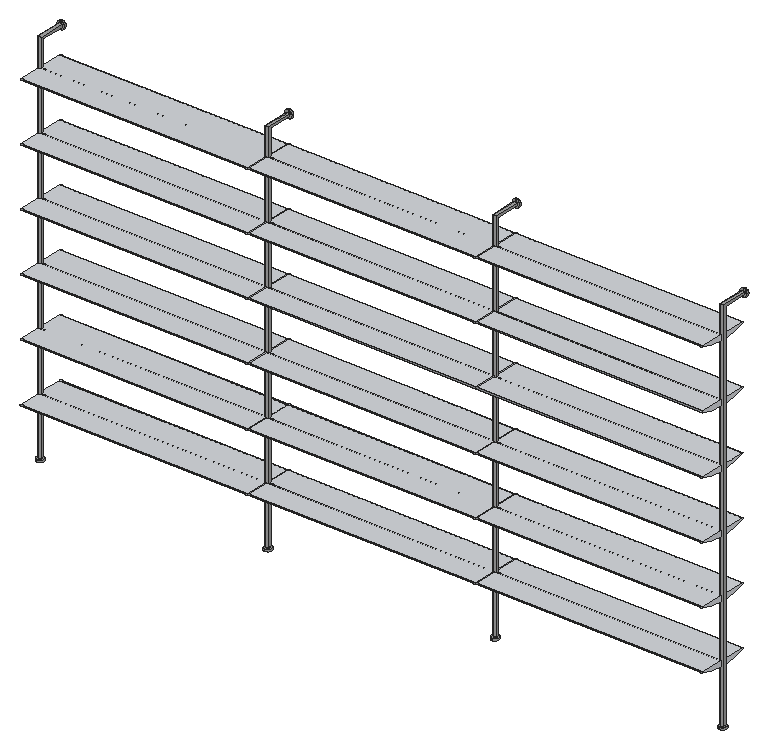
Revit family "Sailor_Parete_Composizione_5", category Arredi, Revit 2017
Family settings
  Numero OmniClass = 23.40.20.00
  Titolo OmniClass = General Furniture and Specialties
  Basato su piano di lavoro = No
  Sempre verticale = Sì
  Taglio con vuoti quando caricato = No
  Condiviso = No
  Punto di calcolo locali = No
Parameters
  VisibModulo4 = no
  VisibModulo3 = yes
  VisibModulo2 = yes
  URL = "www.livingdivani.it"
  Produttore = "Living Divani"
  Modello = "Sailor"
  Lunghezza Modulo 3 = 1500 mm
  Lunghezza Modulo 2 = 1500 mm
  Lunghezza Modulo 4 = 900 mm
  Lunghezza Modulo 1 = 1500 mm
Reference planes
  plane 1 "Centro (Fronte/Retro)": y = 0
  plane 2: z = 0
  plane 3 "Centro (Sinistra/Destra)": x = 0
Dimensions and locks
  aligned and locked: level to plane 2
  aligned and locked: nested 2 to nested 1
  aligned and locked: nested 3 to nested 2
  aligned and locked: nested 2 to nested 3
  aligned and locked: nested 4 to nested 3
  aligned and locked: nested 3 to nested 4
Nested families
  nested 1: "Sailor_Modulo_Base_Parete" at (0, 0, 0), LunghezzaRipiano <- "Lunghezza Modulo 1", type "Modulo 1"
    with VisibRipiano6 yes, VisibRipiano5 yes, VisibRipiano4 yes, VisibRipiano3 yes, VisibRipiano2 yes, VisibRipiano1 yes, LunghezzaRipiano 1500 mm
  nested 2: "Sailor_Modulo_Base_Parete" at (1500, 0, 0), LunghezzaRipiano <- "Lunghezza Modulo 2", visible <- "VisibModulo2", type "Modulo 2"
    with VisibRipiano6 yes, VisibRipiano5 yes, VisibRipiano4 yes, VisibRipiano3 yes, VisibRipiano2 yes, VisibRipiano1 yes, LunghezzaRipiano 1500 mm, PrimaAsta no
  nested 3: "Sailor_Modulo_Base_Parete" at (3000, 0, 0), LunghezzaRipiano <- "Lunghezza Modulo 3", visible <- "VisibModulo3", type "Modulo 3"
    with VisibRipiano6 yes, VisibRipiano5 yes, VisibRipiano4 yes, VisibRipiano3 yes, VisibRipiano2 yes, VisibRipiano1 yes, LunghezzaRipiano 1500 mm, PrimaAsta no
  nested 4: "Sailor_Modulo_Base_Parete" at (4500, 0, 0), LunghezzaRipiano <- "Lunghezza Modulo 4", visible <- "VisibModulo4", type "Modulo 4"
    with VisibRipiano6 yes, VisibRipiano5 yes, VisibRipiano4 yes, VisibRipiano3 yes, VisibRipiano2 yes, VisibRipiano1 yes, LunghezzaRipiano 900 mm, PrimaAsta no
Definition of nested family "Sailor_Modulo_Base_Parete"
  Parameters (values of type "Sailor_Modulo_Base_Parete")
    VisibRipiano6 [instance] = yes
    VisibRipiano5 [instance] = yes
    VisibRipiano4 [instance] = yes
    VisibRipiano3 [instance] = yes
    VisibRipiano1 [instance] = yes
    VisibRipiano2 [instance] = yes
    Ripiani = none
    PrimaAsta = yes
    LunghezzaRipiano [instance] = 900 mm
    Aste = none
  Reference planes
    plane 1 "Centro (Fronte/Retro)": y = 0
    plane 2: z = 0
    plane 3 "Centro (Sinistra/Destra)": x = 0
    plane 4: y = 0
    plane 5 "Lunghezza Ripiano": x = 900
    plane 6 "primo ripiano": z = 383
    plane 7: y = 0
    plane 8: y = 0
    plane 9: y = 0
    plane 10: y = 0
    plane 11: y = 0
  Forms (mm)
    Revolve 1, solid, material <- "Aste", visible <- "PrimaAsta"
      sketch origin (0, 0, 0) x (0, 1, 0) y (0, 0, 1)
        loop
          line (0, 20) -> (0, 0) -> (19, 0) -> (20.125, 2.25) -> (25, 2.25) -> (25, 9.915) -> (7.761, 9.915) -> (6.996, 12.974) -> (5, 12.974) -> (5, 14.189) -> (7.229, 20) -> (0, 20)
        axis (0, 0) -> (0, 20)
      angle from 0 to 360
    Extrusion 2, solid, material <- "Ripiani", visible <- "VisibRipiano1"
      sketch origin (0, -315.449, -968.719) x (0, 1, 0) y (0, 0, 1)
        loop
          arc (153.449, 1369.219) -> (150.496, 1366.748) -> (152.408, 1363.405) r 3
          arc (152.408, 1363.405) -> (315.449, 1334.219) -> (478.489, 1363.405) r 469.983
          arc (478.489, 1363.405) -> (480.402, 1366.748) -> (477.449, 1369.219) r 3
          line (477.449, 1369.219) -> (153.449, 1369.219)
        loop
          circle (315.449, 1351.719) r 8
      from 0 to 900 <- "LunghezzaRipiano"
    Extrusion 3, solid, visible <- "PrimaAsta", not visible
      sketch origin (0, 0, 0) x (1, 0, 0) y (0, 1, 0)
        loop
          line (12.5, 7.217) -> (0, 14.434) -> (-12.5, 7.217) -> (-12.5, -7.217) -> (0, -14.434) -> (12.5, -7.217) -> (12.5, 7.217)
      from 20 to 2670
    Revolve 4, solid, visible <- "PrimaAsta", not visible
      sketch origin (0, 0, 0) x (0, 1, 0) y (0, 0, 1)
        loop
          line (0, 20) -> (0, 0) -> (19, 0) -> (20.125, 2.25) -> (25, 2.25) -> (25, 9.915) -> (7.761, 9.915) -> (6.996, 12.974) -> (5, 12.974) -> (5, 14.189) -> (7.229, 20) -> (0, 20)
        axis (0, 0) -> (0, 20)
      angle from 0 to 360
    Revolve 5, solid, visible <- "PrimaAsta", not visible
      sketch origin (0, 0, 2690) x (0, 1, 0) y (0, 0, -1)
        loop
          line (0, 20) -> (0, 0) -> (19, 0) -> (20.125, 2.25) -> (25, 2.25) -> (25, 9.915) -> (7.761, 9.915) -> (6.996, 12.974) -> (5, 12.974) -> (5, 14.189) -> (7.229, 20) -> (0, 20)
        axis (0, 0) -> (0, 20)
      angle from 0 to 360
    Revolve 6, solid, material <- "Aste"
      sketch origin (900, 0, 0) x (0, 1, 0) y (0, 0, 1)
        loop
          line (0, 20) -> (0, 0) -> (19, 0) -> (20.125, 2.25) -> (25, 2.25) -> (25, 9.915) -> (7.761, 9.915) -> (6.996, 12.974) -> (5, 12.974) -> (5, 14.189) -> (7.229, 20) -> (0, 20)
        axis (0, 0) -> (0, 20)
      angle from 0 to 360
    Extrusion 7, solid, material <- "Ripiani", visible <- "VisibRipiano2"
      sketch origin (0, -315.449, -583.719) x (0, 1, 0) y (0, 0, 1)
        loop
          arc (153.449, 1369.219) -> (150.496, 1366.748) -> (152.408, 1363.405) r 3
          arc (152.408, 1363.405) -> (315.449, 1334.219) -> (478.489, 1363.405) r 469.983
          arc (478.489, 1363.405) -> (480.402, 1366.748) -> (477.449, 1369.219) r 3
          line (477.449, 1369.219) -> (153.449, 1369.219)
        loop
          circle (315.449, 1351.719) r 8
      from 0 to 900 <- "LunghezzaRipiano"
    Extrusion 8, solid, material <- "Ripiani", visible <- "VisibRipiano3"
      sketch origin (0, -315.449, -198.719) x (0, 1, 0) y (0, 0, 1)
        loop
          arc (153.449, 1369.219) -> (150.496, 1366.748) -> (152.408, 1363.405) r 3
          arc (152.408, 1363.405) -> (315.449, 1334.219) -> (478.489, 1363.405) r 469.983
          arc (478.489, 1363.405) -> (480.402, 1366.748) -> (477.449, 1369.219) r 3
          line (477.449, 1369.219) -> (153.449, 1369.219)
        loop
          circle (315.449, 1351.719) r 8
      from 0 to 900 <- "LunghezzaRipiano"
    Extrusion 9, solid, material <- "Ripiani", visible <- "VisibRipiano4"
      sketch origin (0, -315.449, 186.281) x (0, 1, 0) y (0, 0, 1)
        loop
          arc (153.449, 1369.219) -> (150.496, 1366.748) -> (152.408, 1363.405) r 3
          arc (152.408, 1363.405) -> (315.449, 1334.219) -> (478.489, 1363.405) r 469.983
          arc (478.489, 1363.405) -> (480.402, 1366.748) -> (477.449, 1369.219) r 3
          line (477.449, 1369.219) -> (153.449, 1369.219)
        loop
          circle (315.449, 1351.719) r 8
      from 0 to 900 <- "LunghezzaRipiano"
    Extrusion 10, solid, material <- "Ripiani", visible <- "VisibRipiano5"
      sketch origin (0, -315.449, 571.281) x (0, 1, 0) y (0, 0, 1)
        loop
          arc (153.449, 1369.219) -> (150.496, 1366.748) -> (152.408, 1363.405) r 3
          arc (152.408, 1363.405) -> (315.449, 1334.219) -> (478.489, 1363.405) r 469.983
          arc (478.489, 1363.405) -> (480.402, 1366.748) -> (477.449, 1369.219) r 3
          line (477.449, 1369.219) -> (153.449, 1369.219)
        loop
          circle (315.449, 1351.719) r 8
      from 0 to 900 <- "LunghezzaRipiano"
    Extrusion 11, solid, material <- "Ripiani", visible <- "VisibRipiano6"
      sketch origin (0, -315.449, 956.281) x (0, 1, 0) y (0, 0, 1)
        loop
          arc (153.449, 1369.219) -> (150.496, 1366.748) -> (152.408, 1363.405) r 3
          arc (152.408, 1363.405) -> (315.449, 1334.219) -> (478.489, 1363.405) r 469.983
          arc (478.489, 1363.405) -> (480.402, 1366.748) -> (477.449, 1369.219) r 3
          line (477.449, 1369.219) -> (153.449, 1369.219)
        loop
          circle (315.449, 1351.719) r 8
      from 0 to 900 <- "LunghezzaRipiano"
    Extrusion 12, void
      sketch origin (-112.713, -21.581, 0) x (1, 0, 0) y (0, 1, 0)
        loop
          line (112.713, 36.015) -> (112.713, 7.147) -> (125.213, 14.364) -> (125.213, 28.798) -> (112.713, 36.015)
      from 361.476 to 406.494
    Extrusion 13, void
      sketch origin (862.713, -21.581, 0) x (-1, 0, 0) y (0, -1, 0)
        loop
          line (-37.287, -36.015) -> (-24.787, -28.798) -> (-24.787, -14.364) -> (-37.287, -7.147) -> (-37.287, -36.015)
      from 361.476 to 406.494
    Extrusion 14, void
      sketch origin (-112.713, -21.581, 385.443) x (0, -1, 0) y (1, 0, 0)
        loop
          line (-36.015, 112.713) -> (-7.147, 112.713) -> (-14.364, 125.213) -> (-28.798, 125.213) -> (-36.015, 112.713)
      from 361.476 to 406.494
    Extrusion 15, void
      sketch origin (862.713, -21.581, 385.443) x (0, 1, 0) y (-1, 0, 0)
        loop
          line (36.015, -37.287) -> (28.798, -24.787) -> (14.364, -24.787) -> (7.147, -37.287) -> (36.015, -37.287)
      from 361.476 to 406.494
    Extrusion 16, void
      sketch origin (-112.713, -21.581, 770.443) x (0, -1, 0) y (1, 0, 0)
        loop
          line (-36.015, 112.713) -> (-7.147, 112.713) -> (-14.364, 125.213) -> (-28.798, 125.213) -> (-36.015, 112.713)
      from 361.476 to 406.494
    Extrusion 17, void
      sketch origin (862.713, -21.581, 770.443) x (0, 1, 0) y (-1, 0, 0)
        loop
          line (36.015, -37.287) -> (28.798, -24.787) -> (14.364, -24.787) -> (7.147, -37.287) -> (36.015, -37.287)
      from 361.476 to 406.494
    Extrusion 18, void
      sketch origin (-112.713, -21.581, 1155.443) x (0, -1, 0) y (1, 0, 0)
        loop
          line (-36.015, 112.713) -> (-7.147, 112.713) -> (-14.364, 125.213) -> (-28.798, 125.213) -> (-36.015, 112.713)
      from 361.476 to 406.494
    Extrusion 19, void
      sketch origin (862.713, -21.581, 1155.443) x (0, 1, 0) y (-1, 0, 0)
        loop
          line (36.015, -37.287) -> (28.798, -24.787) -> (14.364, -24.787) -> (7.147, -37.287) -> (36.015, -37.287)
      from 361.476 to 406.494
    Extrusion 20, void
      sketch origin (-112.713, -21.581, 1540.443) x (0, -1, 0) y (1, 0, 0)
        loop
          line (-36.015, 112.713) -> (-7.147, 112.713) -> (-14.364, 125.213) -> (-28.798, 125.213) -> (-36.015, 112.713)
      from 361.476 to 406.494
    Extrusion 21, void
      sketch origin (862.713, -21.581, 1540.443) x (0, 1, 0) y (-1, 0, 0)
        loop
          line (36.015, -37.287) -> (28.798, -24.787) -> (14.364, -24.787) -> (7.147, -37.287) -> (36.015, -37.287)
      from 361.476 to 406.494
    Extrusion 22, void
      sketch origin (-112.713, -21.581, 1925.443) x (0, -1, 0) y (1, 0, 0)
        loop
          line (-36.015, 112.713) -> (-7.147, 112.713) -> (-14.364, 125.213) -> (-28.798, 125.213) -> (-36.015, 112.713)
      from 361.476 to 406.494
    Extrusion 23, void
      sketch origin (862.713, -21.581, 1925.443) x (0, 1, 0) y (-1, 0, 0)
        loop
          line (36.015, -37.287) -> (28.798, -24.787) -> (14.364, -24.787) -> (7.147, -37.287) -> (36.015, -37.287)
      from 361.476 to 406.494
    Sweep 24, solid, material <- "Aste", visible <- "PrimaAsta"
      path origin (0, 0, 0) x (0, 1, 0) y (0, 0, 1)
        loop
          line (0, 20) -> (0, 2496) -> (160.566, 2496)
      profile origin (0, 0, 1258) x (0, -1, 0) y (1, 0, 0)
        loop
          line (-14.434, 0) -> (-7.217, -12.5) -> (7.217, -12.5) -> (14.434, 0) -> (7.217, 12.5) -> (-7.217, 12.5) -> (-14.434, 0)
    Revolve 25, solid, material <- "Aste", visible <- "PrimaAsta"
      sketch origin (0, 180.566, 2496) x (0, 0, 1) y (0, -1, 0)
        loop
          line (0, 20) -> (0, -15) -> (3, -15) -> (3, 0) -> (19, 0) -> (20.125, 2.25) -> (25, 2.25) -> (25, 9.915) -> (7.761, 9.915) -> (6.996, 12.974) -> (5, 12.974) -> (5, 14.189) -> (7.229, 20) -> (0, 20)
        axis (0, -15) -> (0, 20)
      angle from 0 to 360
    Sweep 26, solid, material <- "Aste"
      path origin (900, 551.923, 1200) x (0, 1, 0) y (0, 0, 1)
        loop
          line (-551.923, -1180) -> (-551.923, 1296) -> (-391.357, 1296)
      profile origin (900, 0, 1258) x (0, -1, 0) y (1, 0, 0)
        loop
          line (14.434, 0) -> (7.217, 12.5) -> (-7.217, 12.5) -> (-14.434, 0) -> (-7.217, -12.5) -> (7.217, -12.5) -> (14.434, 0)
    Revolve 27, solid, material <- "Aste"
      sketch origin (900, 180.566, 2496) x (0, 0, 1) y (0, 1, 0)
        loop
          line (0, -20) -> (7.229, -20) -> (5, -14.189) -> (5, -12.974) -> (6.996, -12.974) -> (7.761, -9.915) -> (25, -9.915) -> (25, -2.25) -> (20.125, -2.25) -> (19, 0) -> (3, 0) -> (3, 15) -> (0, 15) -> (0, -20)
        axis (0, 15) -> (0, -20)
      angle from 0 to 360
  Cuts and joins
    Extrusion 12, Extrusion 13, Extrusion 14, Extrusion 15 cuts Extrusion 2
    Extrusion 12, Extrusion 13, Extrusion 22, Extrusion 23 cuts Extrusion 11
    Extrusion 14, Extrusion 15, Extrusion 16 cuts Extrusion 7
    Extrusion 16, Extrusion 17, Extrusion 18 cuts Extrusion 8
    Extrusion 18, Extrusion 19, Extrusion 20 cuts Extrusion 9
    Extrusion 20, Extrusion 21, Extrusion 22 cuts Extrusion 10
  Dimensions and locks
    equal spacing: Extrusion 2 sketch curve, plane 4, Extrusion 2 sketch curve, locked at 165 each
    "LunghezzaRipiano": plane 3 "Centro (Sinistra/Destra)" to plane 5 "Lunghezza Ripiano"
    plane 6 "primo ripiano" to level = 383 mm
    equal spacing: Extrusion 7 sketch curve, plane 7, Extrusion 7 sketch curve, locked at 165 each
    Extrusion 7 to plane 6 "primo ripiano" = 385 mm
    equal spacing: Extrusion 8 sketch curve, plane 8, Extrusion 8 sketch curve, locked at 165 each
    equal spacing: Extrusion 9 sketch curve, plane 9, Extrusion 9 sketch curve, locked at 165 each
    equal spacing: Extrusion 10 sketch curve, plane 10, Extrusion 10 sketch curve, locked at 165 each
    equal spacing: Extrusion 11 sketch curve, plane 11, Extrusion 11 sketch curve, locked at 165 each
    aligned and locked: level to plane 2
    aligned and locked: plane 4 to plane 1 "Centro (Fronte/Retro)"
    aligned and locked: plane 6 "primo ripiano" to Extrusion 2
    aligned and locked: cut or joined group of Extrusion 11, Extrusion 12, Extrusion 13, Extrusion 22, Extrusion 23 to cut or joined group of Extrusion 2, Extrusion 12, Extrusion 13, Extrusion 14, Extrusion 15  (x2)
    aligned and locked: plane 5 "Lunghezza Ripiano" to Revolve 6
    aligned and locked: Sweep 24 to Revolve 25
    aligned and locked: plane 5 "Lunghezza Ripiano" to Revolve 27
  Automatic sketch dimensions
    Extrusion 3 sketch curve to Extrusion 3 sketch curve = 7.217 mm  (x4)
    Revolve 4 sketch curve to Revolve 4 sketch curve = 1.996 mm
    Revolve 4 sketch curve to Revolve 4 sketch curve = 2.229 mm
    Revolve 4 sketch curve to Revolve 4 sketch curve = 0.765 mm
    Revolve 4 sketch curve to Revolve 4 sketch curve = 11.239 mm
    Revolve 4 sketch curve to Revolve 4 sketch curve = 1.125 mm
    Revolve 4 sketch curve to Revolve 4 sketch curve = 4.875 mm
    Revolve 4 sketch curve to Revolve 4 sketch curve = 3.059 mm
    Revolve 4 sketch curve to Revolve 4 sketch curve = 1.216 mm
    Revolve 4 sketch curve to Revolve 4 sketch curve = 5.811 mm
    Revolve 4 sketch curve to Revolve 4 sketch curve = 2780 mm
    Revolve 5 sketch curve to Revolve 5 sketch curve = 1.996 mm
    Revolve 5 sketch curve to Revolve 5 sketch curve = 2.229 mm
    Revolve 5 sketch curve to Revolve 5 sketch curve = 0.765 mm
    Revolve 5 sketch curve to Revolve 5 sketch curve = 11.239 mm
    Revolve 5 sketch curve to Revolve 5 sketch curve = 1.125 mm
    Revolve 5 sketch curve to Revolve 5 sketch curve = 4.875 mm
    Revolve 5 sketch curve to Revolve 5 sketch curve = 2.25 mm
    Revolve 5 sketch curve to Revolve 5 sketch curve = 9.915 mm
    Revolve 5 sketch curve to Revolve 5 sketch curve = 3.059 mm
    Revolve 5 sketch curve to Revolve 5 sketch curve = 1.216 mm
    Revolve 5 sketch curve to Revolve 5 sketch curve = 5.811 mm
    Revolve 5 sketch curve to Revolve 5 sketch curve = 0 mm  (x2)
    Extrusion 3 sketch curve to Extrusion 3 sketch curve = 12.5 mm  (x3)
    Extrusion 3 sketch curve to Extrusion 3 sketch curve = 14.434 mm
    Revolve 4 sketch curve to Revolve 4 sketch curve = 5 mm
    Revolve 4 sketch curve to Revolve 4 sketch curve = 2.25 mm
    Revolve 4 sketch curve to Revolve 4 sketch curve = 9.915 mm
    Revolve 4 sketch curve to Revolve 4 sketch curve = 0 mm  (x2)
    Revolve 5 sketch curve to Revolve 5 sketch curve = 5 mm
    Revolve 5 sketch curve to Revolve 5 sketch curve = 2780 mm
    Revolve 1 sketch curve to level = 0 mm  (x2)
    Revolve 1 sketch curve to plane 1 "Centro (Fronte/Retro)" = 0 mm  (x2)
    Revolve 1 sketch curve to plane 1 "Centro (Fronte/Retro)" = 5 mm
    Revolve 1 sketch curve to Revolve 1 sketch curve = 1.996 mm
    Revolve 1 sketch curve to Revolve 1 sketch curve = 2.229 mm
    Revolve 1 sketch curve to Revolve 1 sketch curve = 0.765 mm
    Revolve 1 sketch curve to Revolve 1 sketch curve = 11.239 mm
    level to Revolve 1 sketch curve = 2.25 mm
    Revolve 1 sketch curve to Revolve 1 sketch curve = 1.125 mm
    Revolve 1 sketch curve to Revolve 1 sketch curve = 4.875 mm
    level to Revolve 1 sketch curve = 9.915 mm
    Revolve 1 sketch curve to Revolve 1 sketch curve = 3.059 mm
    Revolve 1 sketch curve to Revolve 1 sketch curve = 1.216 mm
    Revolve 1 sketch curve to Revolve 1 sketch curve = 5.811 mm
    plane 6 "primo ripiano" to Revolve 1 sketch curve = 2417 mm
    Extrusion 2 sketch curve to plane 1 "Centro (Fronte/Retro)" = 0 mm  (x2)
    Extrusion 2 sketch curve to plane 6 "primo ripiano" = 0 mm
    plane 6 "primo ripiano" to Extrusion 2 sketch curve = 17.5 mm
    plane 1 "Centro (Fronte/Retro)" to Extrusion 2 sketch curve = 162 mm
    Extrusion 2 sketch curve to plane 1 "Centro (Fronte/Retro)" = 162 mm
    Extrusion 2 sketch curve to Extrusion 2 sketch curve = 3 mm
    Extrusion 2 sketch curve to Extrusion 2 sketch curve = 452.483 mm
    Extrusion 2 sketch curve to Extrusion 2 sketch curve = 0 mm
    Revolve 6 sketch curve to level = 0 mm  (x2)
    Revolve 6 sketch curve to plane 1 "Centro (Fronte/Retro)" = 0 mm  (x2)
    Revolve 6 sketch curve to plane 1 "Centro (Fronte/Retro)" = 5 mm
    Revolve 6 sketch curve to Revolve 6 sketch curve = 1.996 mm
    Revolve 6 sketch curve to Revolve 6 sketch curve = 2.229 mm
    Revolve 6 sketch curve to Revolve 6 sketch curve = 0.765 mm
    Revolve 6 sketch curve to Revolve 6 sketch curve = 11.239 mm
    level to Revolve 6 sketch curve = 2.25 mm
    Revolve 6 sketch curve to Revolve 6 sketch curve = 1.125 mm
    Revolve 6 sketch curve to Revolve 6 sketch curve = 4.875 mm
    level to Revolve 6 sketch curve = 9.915 mm
    Revolve 6 sketch curve to Revolve 6 sketch curve = 3.059 mm
    Revolve 6 sketch curve to Revolve 6 sketch curve = 1.216 mm
    Revolve 6 sketch curve to Revolve 6 sketch curve = 5.811 mm
    plane 6 "primo ripiano" to Revolve 6 sketch curve = 2417 mm
    Extrusion 7 sketch curve to plane 1 "Centro (Fronte/Retro)" = 0 mm  (x2)
    plane 1 "Centro (Fronte/Retro)" to Extrusion 7 sketch curve = 162 mm
    Extrusion 7 sketch curve to plane 1 "Centro (Fronte/Retro)" = 162 mm
    plane 6 "primo ripiano" to Extrusion 7 sketch curve = 385 mm
    Extrusion 7 sketch curve to Extrusion 7 sketch curve = 14.5 mm
    Extrusion 7 sketch curve to Extrusion 7 sketch curve = 3 mm
    Extrusion 7 sketch curve to Extrusion 7 sketch curve = 452.483 mm
    Extrusion 7 sketch curve to Extrusion 7 sketch curve = 0 mm
    Extrusion 8 sketch curve to plane 1 "Centro (Fronte/Retro)" = 0 mm  (x2)
    plane 1 "Centro (Fronte/Retro)" to Extrusion 8 sketch curve = 162 mm
    Extrusion 8 sketch curve to plane 1 "Centro (Fronte/Retro)" = 162 mm
    plane 6 "primo ripiano" to Extrusion 8 sketch curve = 770 mm
    Extrusion 8 sketch curve to Extrusion 8 sketch curve = 14.5 mm
    Extrusion 8 sketch curve to Extrusion 8 sketch curve = 3 mm
    Extrusion 8 sketch curve to Extrusion 8 sketch curve = 452.483 mm
    Extrusion 8 sketch curve to Extrusion 8 sketch curve = 0 mm
    Extrusion 9 sketch curve to plane 1 "Centro (Fronte/Retro)" = 0 mm  (x2)
    plane 1 "Centro (Fronte/Retro)" to Extrusion 9 sketch curve = 162 mm
    Extrusion 9 sketch curve to plane 1 "Centro (Fronte/Retro)" = 162 mm
    plane 6 "primo ripiano" to Extrusion 9 sketch curve = 1155 mm
    Extrusion 9 sketch curve to Extrusion 9 sketch curve = 14.5 mm
    Extrusion 9 sketch curve to Extrusion 9 sketch curve = 3 mm
    Extrusion 9 sketch curve to Extrusion 9 sketch curve = 452.483 mm
    Extrusion 9 sketch curve to Extrusion 9 sketch curve = 0 mm
    Extrusion 10 sketch curve to plane 1 "Centro (Fronte/Retro)" = 0 mm  (x2)
    plane 1 "Centro (Fronte/Retro)" to Extrusion 10 sketch curve = 162 mm
    Extrusion 10 sketch curve to plane 1 "Centro (Fronte/Retro)" = 162 mm
    plane 6 "primo ripiano" to Extrusion 10 sketch curve = 1540 mm
    Extrusion 10 sketch curve to Extrusion 10 sketch curve = 14.5 mm
    Extrusion 10 sketch curve to Extrusion 10 sketch curve = 3 mm
    Extrusion 10 sketch curve to Extrusion 10 sketch curve = 452.483 mm
    Extrusion 10 sketch curve to Extrusion 10 sketch curve = 0 mm
    Extrusion 11 sketch curve to plane 1 "Centro (Fronte/Retro)" = 0 mm  (x2)
    plane 1 "Centro (Fronte/Retro)" to Extrusion 11 sketch curve = 162 mm
    Extrusion 11 sketch curve to plane 1 "Centro (Fronte/Retro)" = 162 mm
    plane 6 "primo ripiano" to Extrusion 11 sketch curve = 1925 mm
    Extrusion 11 sketch curve to Extrusion 11 sketch curve = 14.5 mm
    Extrusion 11 sketch curve to Extrusion 11 sketch curve = 3 mm
    Extrusion 11 sketch curve to Extrusion 11 sketch curve = 452.483 mm
    Extrusion 11 sketch curve to Extrusion 11 sketch curve = 0 mm
    Extrusion 12 sketch curve to plane 3 "Centro (Sinistra/Destra)" = 0 mm
    plane 3 "Centro (Sinistra/Destra)" to Extrusion 12 sketch curve = 12.5 mm
    plane 1 "Centro (Fronte/Retro)" to Extrusion 12 sketch curve = 14.434 mm
    plane 1 "Centro (Fronte/Retro)" to Extrusion 12 sketch curve = 7.217 mm
    Extrusion 12 sketch curve to plane 1 "Centro (Fronte/Retro)" = 7.217 mm
    Extrusion 12 sketch curve to Extrusion 12 sketch curve = 7.217 mm
    Extrusion 13 sketch curve to plane 5 "Lunghezza Ripiano" = 0 mm
    plane 5 "Lunghezza Ripiano" to Extrusion 13 sketch curve = 12.5 mm
    Extrusion 13 sketch curve to plane 1 "Centro (Fronte/Retro)" = 14.434 mm
    Extrusion 13 sketch curve to plane 1 "Centro (Fronte/Retro)" = 7.217 mm
    plane 1 "Centro (Fronte/Retro)" to Extrusion 13 sketch curve = 7.217 mm
    plane 1 "Centro (Fronte/Retro)" to Extrusion 13 sketch curve = 14.434 mm
    Extrusion 14 sketch curve to plane 3 "Centro (Sinistra/Destra)" = 0 mm
    Extrusion 14 sketch curve to plane 1 "Centro (Fronte/Retro)" = 14.434 mm
    Extrusion 14 sketch curve to plane 1 "Centro (Fronte/Retro)" = 7.217 mm
    plane 1 "Centro (Fronte/Retro)" to Extrusion 14 sketch curve = 7.217 mm
    Extrusion 14 sketch curve to Extrusion 14 sketch curve = 7.217 mm
    plane 3 "Centro (Sinistra/Destra)" to Extrusion 14 sketch curve = 12.5 mm
    Extrusion 15 sketch curve to plane 5 "Lunghezza Ripiano" = 0 mm
    plane 1 "Centro (Fronte/Retro)" to Extrusion 15 sketch curve = 14.434 mm
    plane 1 "Centro (Fronte/Retro)" to Extrusion 15 sketch curve = 7.217 mm
    Extrusion 15 sketch curve to plane 1 "Centro (Fronte/Retro)" = 7.217 mm
    Extrusion 15 sketch curve to plane 1 "Centro (Fronte/Retro)" = 14.434 mm
    Extrusion 15 sketch curve to plane 5 "Lunghezza Ripiano" = 12.5 mm
    Extrusion 16 sketch curve to plane 3 "Centro (Sinistra/Destra)" = 0 mm
    Extrusion 16 sketch curve to plane 1 "Centro (Fronte/Retro)" = 14.434 mm
    Extrusion 16 sketch curve to plane 1 "Centro (Fronte/Retro)" = 7.217 mm
    plane 1 "Centro (Fronte/Retro)" to Extrusion 16 sketch curve = 7.217 mm
    Extrusion 16 sketch curve to Extrusion 16 sketch curve = 7.217 mm
    plane 3 "Centro (Sinistra/Destra)" to Extrusion 16 sketch curve = 12.5 mm
    Extrusion 17 sketch curve to plane 5 "Lunghezza Ripiano" = 0 mm
    plane 1 "Centro (Fronte/Retro)" to Extrusion 17 sketch curve = 14.434 mm
    plane 1 "Centro (Fronte/Retro)" to Extrusion 17 sketch curve = 7.217 mm
    Extrusion 17 sketch curve to plane 1 "Centro (Fronte/Retro)" = 7.217 mm
    Extrusion 17 sketch curve to plane 1 "Centro (Fronte/Retro)" = 14.434 mm
    Extrusion 17 sketch curve to plane 5 "Lunghezza Ripiano" = 12.5 mm
    Extrusion 18 sketch curve to plane 3 "Centro (Sinistra/Destra)" = 0 mm
    Extrusion 18 sketch curve to plane 1 "Centro (Fronte/Retro)" = 14.434 mm
    Extrusion 18 sketch curve to plane 1 "Centro (Fronte/Retro)" = 7.217 mm
    plane 1 "Centro (Fronte/Retro)" to Extrusion 18 sketch curve = 7.217 mm
    Extrusion 18 sketch curve to Extrusion 18 sketch curve = 7.217 mm
    plane 3 "Centro (Sinistra/Destra)" to Extrusion 18 sketch curve = 12.5 mm
    Extrusion 19 sketch curve to plane 5 "Lunghezza Ripiano" = 0 mm
    plane 1 "Centro (Fronte/Retro)" to Extrusion 19 sketch curve = 14.434 mm
    plane 1 "Centro (Fronte/Retro)" to Extrusion 19 sketch curve = 7.217 mm
    Extrusion 19 sketch curve to plane 1 "Centro (Fronte/Retro)" = 7.217 mm
    Extrusion 19 sketch curve to plane 1 "Centro (Fronte/Retro)" = 14.434 mm
    Extrusion 19 sketch curve to plane 5 "Lunghezza Ripiano" = 12.5 mm
    Extrusion 20 sketch curve to plane 3 "Centro (Sinistra/Destra)" = 0 mm
    Extrusion 20 sketch curve to plane 1 "Centro (Fronte/Retro)" = 14.434 mm
    Extrusion 20 sketch curve to plane 1 "Centro (Fronte/Retro)" = 7.217 mm
    plane 1 "Centro (Fronte/Retro)" to Extrusion 20 sketch curve = 7.217 mm
    Extrusion 20 sketch curve to Extrusion 20 sketch curve = 7.217 mm
    plane 3 "Centro (Sinistra/Destra)" to Extrusion 20 sketch curve = 12.5 mm
    Extrusion 21 sketch curve to plane 5 "Lunghezza Ripiano" = 0 mm
    plane 1 "Centro (Fronte/Retro)" to Extrusion 21 sketch curve = 14.434 mm
    plane 1 "Centro (Fronte/Retro)" to Extrusion 21 sketch curve = 7.217 mm
    Extrusion 21 sketch curve to plane 1 "Centro (Fronte/Retro)" = 7.217 mm
    Extrusion 21 sketch curve to plane 1 "Centro (Fronte/Retro)" = 14.434 mm
    Extrusion 21 sketch curve to plane 5 "Lunghezza Ripiano" = 12.5 mm
    Extrusion 22 sketch curve to plane 3 "Centro (Sinistra/Destra)" = 0 mm
    Extrusion 22 sketch curve to plane 1 "Centro (Fronte/Retro)" = 14.434 mm
    Extrusion 22 sketch curve to plane 1 "Centro (Fronte/Retro)" = 7.217 mm
    plane 1 "Centro (Fronte/Retro)" to Extrusion 22 sketch curve = 7.217 mm
    Extrusion 22 sketch curve to Extrusion 22 sketch curve = 7.217 mm
    plane 3 "Centro (Sinistra/Destra)" to Extrusion 22 sketch curve = 12.5 mm
    Extrusion 23 sketch curve to plane 5 "Lunghezza Ripiano" = 0 mm
    plane 1 "Centro (Fronte/Retro)" to Extrusion 23 sketch curve = 14.434 mm
    plane 1 "Centro (Fronte/Retro)" to Extrusion 23 sketch curve = 7.217 mm
    Extrusion 23 sketch curve to plane 1 "Centro (Fronte/Retro)" = 7.217 mm
    Extrusion 23 sketch curve to Extrusion 23 sketch curve = 7.217 mm
    Extrusion 23 sketch curve to plane 5 "Lunghezza Ripiano" = 12.5 mm
    Sweep 24 sketch curve to plane 1 "Centro (Fronte/Retro)" = 0 mm
    plane 6 "primo ripiano" to Sweep 24 sketch curve = 2113 mm
    Sweep 24 sketch curve to plane 1 "Centro (Fronte/Retro)" = 160.566 mm
    level to Sweep 24 sketch curve = 20 mm
    Sweep 24 sketch curve to plane 3 "Centro (Sinistra/Destra)" = 0 mm  (x2)
    profile plane to Sweep 24 sketch curve = 14.434 mm
    profile plane to Sweep 24 sketch curve = 7.217 mm  (x2)
    Sweep 24 sketch curve to profile plane = 7.217 mm  (x2)
    Sweep 24 sketch curve to Sweep 24 sketch curve = 7.217 mm
    Sweep 24 sketch curve to plane 3 "Centro (Sinistra/Destra)" = 12.5 mm
    plane 3 "Centro (Sinistra/Destra)" to Sweep 24 sketch curve = 12.5 mm
    Revolve 25 sketch curve to plane 1 "Centro (Fronte/Retro)" = 160.566 mm
    plane 6 "primo ripiano" to Revolve 25 sketch curve = 2113 mm  (x2)
    Revolve 25 sketch curve to Revolve 25 sketch curve = 3 mm
    Revolve 25 sketch curve to Revolve 25 sketch curve = 5 mm
    Revolve 25 sketch curve to plane 1 "Centro (Fronte/Retro)" = 167.593 mm
    Revolve 25 sketch curve to Revolve 25 sketch curve = 1.996 mm
    Revolve 25 sketch curve to Revolve 25 sketch curve = 2.229 mm
    Revolve 25 sketch curve to plane 1 "Centro (Fronte/Retro)" = 170.652 mm
    Revolve 25 sketch curve to Revolve 25 sketch curve = 0.765 mm
    Revolve 25 sketch curve to plane 1 "Centro (Fronte/Retro)" = 180.566 mm
    Revolve 25 sketch curve to Revolve 25 sketch curve = 11.239 mm
    Revolve 25 sketch curve to plane 1 "Centro (Fronte/Retro)" = 178.316 mm
    Revolve 25 sketch curve to Revolve 25 sketch curve = 1.125 mm
    Revolve 25 sketch curve to Revolve 25 sketch curve = 4.875 mm
    Revolve 25 sketch curve to Revolve 25 sketch curve = 15 mm
    Revolve 25 sketch curve to Revolve 25 sketch curve = 1.216 mm
    Revolve 25 sketch curve to Revolve 25 sketch curve = 0 mm
    plane 1 "Centro (Fronte/Retro)" to Revolve 25 sketch curve = 2619.434 mm
    Sweep 26 sketch curve to profile plane = 0 mm  (x2)
    profile plane to Sweep 26 sketch curve = 14.434 mm
    profile plane to Sweep 26 sketch curve = 7.217 mm  (x2)
    Sweep 26 sketch curve to profile plane = 7.217 mm  (x2)
    Sweep 26 sketch curve to profile plane = 14.434 mm
    Sweep 26 sketch curve to profile plane = 12.5 mm
    profile plane to Sweep 26 sketch curve = 12.5 mm
    Revolve 27 sketch curve to plane 1 "Centro (Fronte/Retro)" = 160.566 mm
    plane 6 "primo ripiano" to Revolve 27 sketch curve = 2113 mm  (x2)
    Revolve 27 sketch curve to Revolve 27 sketch curve = 3 mm
    Revolve 27 sketch curve to Revolve 27 sketch curve = 5 mm
    Revolve 27 sketch curve to plane 1 "Centro (Fronte/Retro)" = 167.593 mm
    Revolve 27 sketch curve to Revolve 27 sketch curve = 1.996 mm
    Revolve 27 sketch curve to Revolve 27 sketch curve = 2.229 mm
    Revolve 27 sketch curve to plane 1 "Centro (Fronte/Retro)" = 170.652 mm
    Revolve 27 sketch curve to Revolve 27 sketch curve = 0.765 mm
    Revolve 27 sketch curve to plane 1 "Centro (Fronte/Retro)" = 180.566 mm
    Revolve 27 sketch curve to Revolve 27 sketch curve = 11.239 mm
    Revolve 27 sketch curve to plane 1 "Centro (Fronte/Retro)" = 178.316 mm
    Revolve 27 sketch curve to Revolve 27 sketch curve = 1.125 mm
    Revolve 27 sketch curve to Revolve 27 sketch curve = 4.875 mm
    Revolve 27 sketch curve to Revolve 27 sketch curve = 1.216 mm
    Revolve 27 sketch curve to Revolve 27 sketch curve = 15 mm
    plane 1 "Centro (Fronte/Retro)" to Revolve 27 sketch curve = 2619.434 mm
    Revolve 27 sketch curve to Revolve 27 sketch curve = 0 mm
    Sweep 26 sketch curve to plane 1 "Centro (Fronte/Retro)" = 0 mm
    plane 6 "primo ripiano" to Sweep 26 sketch curve = 2113 mm
    Sweep 26 sketch curve to Sweep 26 sketch curve = 160.566 mm
    level to Sweep 26 sketch curve = 20 mm
    radius of Extrusion 2 sketch curve = 8 mm
    radius of Extrusion 7 sketch curve = 8 mm
    radius of Extrusion 8 sketch curve = 8 mm
    radius of Extrusion 9 sketch curve = 8 mm
    radius of Extrusion 10 sketch curve = 8 mm
    radius of Extrusion 11 sketch curve = 8 mm
